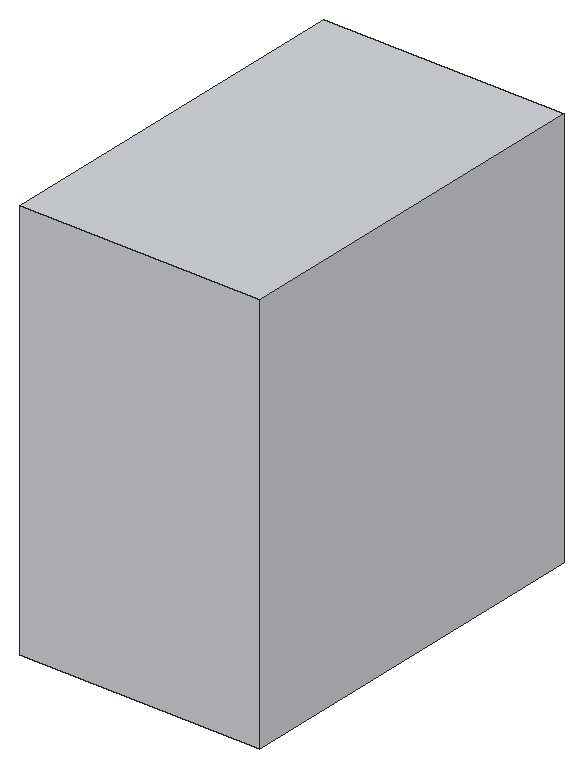
Revit family
Parameters
  Warranty Duration (Years) = 0
  Unit Width [instance] = 1' - 5 1/4"
  Unit Height [instance] = 4' - 8"
  Unit Depth = 0' - 10"
  URL = "http://www.americanspecialties.com/viewCategories.cfm"
  Trim Material = Metal - Stainless Steel
  Test Data = ""
  Specification = "http://www.arcat.com/sdspecs/htm/10810asi.htm"
  SpecWizard = ""
  Send Message = "http://www.arcat.com/users.pl?action=UserEmail&company=American%20Specialties,%20Inc.&coid=30448&rep=139&fax=914-476-0688&mf="
  Sales Information = "http://www.americanspecialties.com/contact"
  Revision = "R1_10-2010"
  Product Properties = "http://www.americanspecialties.com/datasheets/046921-9.pdf"
  Product Data = "http://www.arcat.com/arcatcos/cos30/arc30448.html"
  Model = "As Specified in 10 28 13"
  Manufacturer Website = "http://www.americanspecialties.com/viewCategories.cfm"
  Manufacturer Phone - Toll Free = ""
  Manufacturer Phone = "914-476-9000 "
  Manufacturer Fax = "914-476-0688"
  Manufacturer Address = "441 Saw Mill River Rd., Yonkers, NY 10701"
  Manufacturer = "American Specialties, Inc."
  Maintenance Schedule (Months) = 0
  Keynote = "10 28 13"
  Installation-Fabrication = "http://www.americanspecialties.com/products.cfm"
  Green Building-LEED = ""
  Expected Lifespan (Years) = 0
  Drawn By = "Robert S. Weygant. CSI, CDT, SCIP"  # constant formula
  Description = "Toilet Accessory as Specified in 10 28 13"
  Default Elevation = 4' - 0"
  Copyright = "©Arcat Inc."
  Construction Details = "http://www.arcat.com/green/clients/leed_data_30448.html"
  Building Codes = "http://www.americanspecialties.com/products.cfm"
  Body Material = Metal - Stainless Steel
  Assembly Code = "C1030210"
Reference planes (in)
  plane 1 "Center (Front/Back)": y = -6.16773
  plane 2 "Floor Line": z = 0
  plane 3 "Center (Left/Right)": x = -0.65843
  plane 4: z = 76
  plane 5: x = -9.28343
  plane 6: x = 7.96657
  plane 7: z = 48
  plane 8: z = 104
  plane 9: y = 21.83227
  plane 10: y = -34.16773
  plane 11: y = 20.83227
  plane 12: y = 6.33227
  plane 13: y = -7.66773
  plane 14: y = -33.16773
  plane 15: y = -15.66773
Forms (in)
  Extrusion 1, solid
    sketch origin (-3.98487, -14.65374, -6) x (0, 0, -1) y (1, 0, 0)
      loop
        line (-82, 26) -> (-82, -19.34712) -> (-6, -19.34712) -> (-6, 26) -> (-82, 26)
    from 27.51399 to -44.33964
  Extrusion 2, solid, material "Metal - Stainless Steel" <- "Body Material"
    sketch origin (0, 0, 0) x (1, 0, 0) y (0, 1, 0)
      loop
        line (-8.28343, 6.33227) -> (-8.28343, 5.33227) -> (6.96657, 5.33227) -> (6.96657, 6.33227) -> (-8.28343, 6.33227)
    from 10 to 0.125
  Extrusion 3, solid, material "Metal - Stainless Steel" <- "Body Material"
    sketch origin (-4.97093, 0, 10) x (0, 1, 0) y (0, 0, 1)
      loop
        line (5.33227, -9.875) -> (5.33227, -9.72139) -> (0.12183, -9.72139) -> (0.12183, -9.47139) -> (-3.16761, -9.47139) -> (-4.66773, 0) -> (-7.66773, 0) -> (-9.23177, -9.875) -> (5.33227, -9.875)
    from 0 to 8.625
  Extrusion 4, solid, material "Metal - Stainless Steel" <- "Body Material"
    sketch origin (-27.38043, -15.66773, 17.88116) x (1, 0, 0) y (0, 0, 1)
      loop
        line (19.097, -6.00616) -> (19.097, -17.75616) -> (34.347, -17.75616) -> (34.347, -6.00616) -> (19.097, -6.00616)
      loop
        line (19.222, -6.13116) -> (19.222, -17.63116) -> (34.222, -17.63116) -> (34.222, -6.13116) -> (19.222, -6.13116)
    from 0 to 17.5
  Extrusion 5, solid, material "Metal - Stainless Steel" <- "Body Material"
    sketch origin (0, -33.04273, 10) x (1, 0, 0) y (0, 0, 1)
      loop
        line (-8.15843, 1.75) -> (-8.15843, -9.75) -> (6.84157, -9.75) -> (6.84157, 1.75) -> (-8.15843, 1.75)
    from 0 to 0.125
  Extrusion 6, solid, material "Metal - Stainless Steel" <- "Body Material"
    sketch origin (-0.65843, 0, 10) x (0, 1, 0) y (0, 0, 1)
      loop
        line (-13.9183, -9.875) -> (-13.9183, -9.75) -> (-15.66773, -9.75) -> (-15.66773, -9.875) -> (-13.9183, -9.875)
    from -7.625 to 7.625
  Extrusion 7, solid, material "Metal - Stainless Steel" <- "Body Material"
    sketch origin (13.01015, -10.96548, 0.25) x (1, 0, 0) y (0, 1, 0)
      loop
        circle (-13.66858, -3.82753) r 0.5
    from 0 to 0.0625
  Extrusion 8, void
    sketch origin (0, -6.16773, 10) x (1, 0, 0) y (0, 0, 1)
      loop
        line (-4.78343, -0.9572) -> (-4.78343, -7.85216) -> (3.46797, -7.85216) -> (3.46797, -0.9572) -> (-4.78343, -0.9572)
    from 0 to 4.29732
  Extrusion 9, solid, material "Metal - Stainless Steel" <- "Body Material"
    sketch origin (0, 0, 10) x (1, 0, 0) y (0, 1, 0)
      loop
        line (-9.28343, 21.83227) -> (-9.28343, -34.16773) -> (7.96657, -34.16773) -> (7.96657, 21.83227) -> (-9.28343, 21.83227)
      loop
        line (-8.28343, -33.16773) -> (6.96657, -33.16773) -> (6.96657, 20.83227) -> (-8.28343, 20.83227) -> (-8.28343, -33.16773)
    from 0 to 0.25
  Extrusion 10, solid, material "Metal - Stainless Steel" <- "Body Material"
    sketch origin (0, 0, 10) x (1, 0, 0) y (0, 1, 0)
      loop
        line (-8.28343, 20.83227) -> (-8.28343, -7.66773) -> (6.96657, -7.66773) -> (6.96657, 20.83227) -> (-8.28343, 20.83227)
    from 0 to 0.25
  Revolve 11, solid, material "Metal - Stainless Steel" <- "Trim Material"
    sketch origin (6.34157, 0, 10) x (0, 1, 0) y (0, 0, 1)
      loop
        line (-6.16773, 0.25) -> (-6.16773, 1.5) -> (-6.63757, 1.32899) -> (-6.37679, 0.76975) -> (-6.23301, 0.62596) -> (-6.23301, 0.25) -> (-6.16773, 0.25)
      axis (-6.16773, 1.5) -> (-6.16773, 0.25)
    angle from 0 to 360
  Revolve 12, solid, material "Metal - Stainless Steel" <- "Trim Material"
    sketch origin (6.34157, 23.75, 10) x (0, 1, 0) y (0, 0, 1)
      loop
        line (-6.16773, 0.25) -> (-6.16773, 1.5) -> (-6.63757, 1.32899) -> (-6.37679, 0.76975) -> (-6.23301, 0.62596) -> (-6.23301, 0.25) -> (-6.16773, 0.25)
      axis (-6.16773, 1.5) -> (-6.16773, 0.25)
    angle from 0 to 360
  Extrusion 13, solid, material "Metal - Stainless Steel" <- "Body Material"
    sketch origin (0, 0, 10) x (1, 0, 0) y (0, 1, 0)
      loop
        line (-8.28343, 20.83227) -> (-8.28343, -33.16773) -> (6.96657, -33.16773) -> (6.96657, 20.83227) -> (-8.28343, 20.83227)
      loop
        line (-8.40843, 20.95727) -> (-8.40843, -33.29273) -> (7.09157, -33.29273) -> (7.09157, 20.95727) -> (-8.40843, 20.95727)
    from 0 to -10
  Extrusion 14, solid, material "Metal - Stainless Steel" <- "Body Material"
    sketch origin (0, 0, 0) x (1, 0, 0) y (0, 1, 0)
      loop
        line (-8.40843, 20.95727) -> (-8.40843, -33.29273) -> (7.09157, -33.29273) -> (7.09157, 20.95727) -> (-8.40843, 20.95727)
    from 0 to 0.125
  Extrusion 15, solid, material "Metal - Stainless Steel" <- "Body Material"
    sketch origin (0, 0, 0) x (1, 0, 0) y (0, 1, 0)
      loop
        line (-9.28343, 21.83227) -> (-9.28343, -34.16773) -> (7.96657, -34.16773) -> (7.96657, 21.83227) -> (-9.28343, 21.83227)
      loop
        line (6.96657, -33.16773) -> (6.96657, 20.83227) -> (-8.28343, 20.83227) -> (-8.28343, -33.16773) -> (6.96657, -33.16773)
    from 0 to 10
Cuts and joins
  Extrusion 8 cuts Extrusion 4
  Extrusion 8 cuts Extrusion 5
  joined: Extrusion 4, Extrusion 5
  Extrusion 8 cuts Extrusion 3
Dimensions and locks (in)
  equal spacing: plane 8, plane 4, plane 7
  equal spacing: plane 6, plane 3 "Center (Left/Right)", plane 5
  "Unit Width": plane 6 to plane 5
  "Unit Height": plane 8 to plane 7
  "Default Elevation": plane 7 to plane 2 "Floor Line"
  equal spacing: plane 9, plane 1 "Center (Front/Back)", plane 10
  "Unit Height": plane 9 to plane 10
  locked: Extrusion 2 to Extrusion 2 at 1
  locked: plane 11 to plane 12 at 14.5
  locked: Extrusion 9 sketch curve to Extrusion 9 sketch curve at 1  (x3)
  locked: Extrusion 13 sketch curve to Extrusion 13 sketch curve at 0.125  (x4)
  aligned and locked: Extrusion 9 to Extrusion 10 sketch curve
  aligned and locked: Extrusion 10 sketch curve to Extrusion 9  (x2)
  aligned and locked: Extrusion 13 to Extrusion 14
  aligned and locked: Extrusion 2 to Extrusion 9
  aligned and locked: Extrusion 2 to Extrusion 14
Automatic sketch dimensions
  Extrusion 1 sketch curve to Extrusion 1 sketch curve = 6' - 4"
  Extrusion 1 sketch curve to Extrusion 1 sketch curve = 3' - 9.34712"
  Extrusion 2 sketch curve to plane 12 = 0' - 0"
  plane 5 to Extrusion 2 sketch curve = 0' - 1"
  Extrusion 2 sketch curve to plane 6 = 0' - 1"
  Extrusion 2 sketch curve to plane 12 = 0' - 1"
  level to Extrusion 3 sketch curve = 0' - 10"
  Extrusion 3 sketch curve to plane 13 = 0' - 0"
  Extrusion 3 sketch curve to plane 13 = 0' - 1.56405"
  Extrusion 3 sketch curve to plane 1 "Center (Front/Back)" = 0' - 1 1/2"
  Extrusion 3 sketch curve to plane 1 "Center (Front/Back)" = 0' - 3.00012"
  Extrusion 3 sketch curve to Extrusion 3 sketch curve = 0' - 3.28943"
  Extrusion 3 sketch curve to plane 12 = 0' - 1"
  level to Extrusion 3 sketch curve = 0' - 0.52861"
  Extrusion 3 sketch curve to Extrusion 3 sketch curve = 0' - 0 1/4"
  Extrusion 3 sketch curve to Extrusion 3 sketch curve = 0' - 0.15361"
  plane 5 to Extrusion 4 sketch curve = 0' - 1"
  Extrusion 4 sketch curve to Extrusion 4 sketch curve = 0' - 0 1/8"  (x4)
  Extrusion 4 sketch curve to plane 6 = 0' - 1 1/8"
  level to Extrusion 4 sketch curve = 0' - 0 1/8"
  level to Extrusion 4 sketch curve = 0' - 11 3/4"
  plane 5 to Extrusion 5 sketch curve = 0' - 1 1/8"
  Extrusion 5 sketch curve to plane 6 = 0' - 1 1/8"
  level to Extrusion 5 sketch curve = 0' - 0 1/4"
  level to Extrusion 5 sketch curve = 0' - 11 3/4"
  Extrusion 6 sketch curve to plane 13 = 0' - 8"
  Extrusion 6 sketch curve to Extrusion 6 sketch curve = 0' - 1.74942"
  level to Extrusion 6 sketch curve = 0' - 0 1/8"
  Extrusion 6 sketch curve to Extrusion 6 sketch curve = 0' - 0 1/8"
  Extrusion 7 sketch curve to plane 3 "Center (Left/Right)" = 0' - 0"
  Extrusion 7 sketch curve to plane 13 = 0' - 7.12529"
  Extrusion 8 sketch curve to plane 3 "Center (Left/Right)" = 0' - 4 1/8"
  plane 3 "Center (Left/Right)" to Extrusion 8 sketch curve = 0' - 4.1264"
  level to Extrusion 8 sketch curve = 0' - 2.14784"
  level to Extrusion 8 sketch curve = 0' - 9.0428"
  Extrusion 9 sketch curve to plane 5 = 0' - 0"
  Extrusion 9 sketch curve to plane 11 = 0' - 0"
  Extrusion 9 sketch curve to plane 6 = 0' - 0"
  Extrusion 9 sketch curve to plane 10 = 0' - 0"
  Extrusion 9 sketch curve to plane 9 = 0' - 0"
  Extrusion 10 sketch curve to plane 13 = 0' - 0"
  Revolve 11 sketch curve to plane 1 "Center (Front/Back)" = 0' - 0"  (x2)
  plane 1 "Center (Front/Back)" to Revolve 11 sketch curve = 0' - 0.06528"
  Revolve 11 sketch curve to Revolve 11 sketch curve = 0' - 0.14379"  (x2)
  plane 1 "Center (Front/Back)" to Revolve 11 sketch curve = 0' - 0.46985"
  level to Revolve 11 sketch curve = 0' - 10 1/4"
  Revolve 11 sketch curve to Revolve 11 sketch curve = 0' - 0.37596"
  Revolve 11 sketch curve to Revolve 11 sketch curve = 0' - 0.55924"
  Revolve 11 sketch curve to Revolve 11 sketch curve = 0' - 0.17101"
  Revolve 11 sketch curve to Revolve 11 sketch curve = 0' - 0.12594"
  Revolve 11 sketch curve to Revolve 11 sketch curve = 0' - 0.20877"
  Revolve 12 sketch curve to plane 11 = 0' - 3.71985"
  Revolve 12 sketch curve to Revolve 12 sketch curve = 0' - 0.26078"
  Revolve 12 sketch curve to Revolve 12 sketch curve = 0' - 0.14379"  (x2)
  Revolve 12 sketch curve to Revolve 12 sketch curve = 0' - 0.46985"
  Revolve 12 sketch curve to Revolve 12 sketch curve = 0' - 0"
  level to Revolve 12 sketch curve = 0' - 10 1/4"
  Revolve 12 sketch curve to Revolve 12 sketch curve = 0' - 0.37596"
  Revolve 12 sketch curve to Revolve 12 sketch curve = 0' - 0.55924"
  Revolve 12 sketch curve to Revolve 12 sketch curve = 0' - 0.17101"
  Revolve 12 sketch curve to Revolve 12 sketch curve = 0' - 0.12594"
  Revolve 12 sketch curve to Revolve 12 sketch curve = 0' - 0.20877"
  Extrusion 13 sketch curve to plane 11 = 0' - 0"
  plane 5 to Extrusion 13 sketch curve = 0' - 0 7/8"
  Extrusion 13 sketch curve to plane 6 = 0' - 1"
  plane 10 to Extrusion 13 sketch curve = 0' - 1"
  plane 5 to Extrusion 14 sketch curve = 0' - 0 7/8"
  Extrusion 14 sketch curve to plane 6 = 0' - 0 7/8"
  plane 10 to Extrusion 14 sketch curve = 0' - 0 7/8"
  plane 11 to Extrusion 14 sketch curve = 0' - 0 1/8"
  Extrusion 15 sketch curve to plane 5 = 0' - 0"
  Extrusion 15 sketch curve to plane 11 = 0' - 0"
  Extrusion 15 sketch curve to plane 6 = 0' - 0"
  Extrusion 15 sketch curve to plane 10 = 0' - 0"
  Extrusion 15 sketch curve to plane 9 = 0' - 0"
  plane 5 to Extrusion 15 sketch curve = 0' - 1"
  Extrusion 15 sketch curve to plane 6 = 0' - 1"
  plane 10 to Extrusion 15 sketch curve = 0' - 1"
  radius of Extrusion 7 sketch curve = 0' - 0 1/2"
